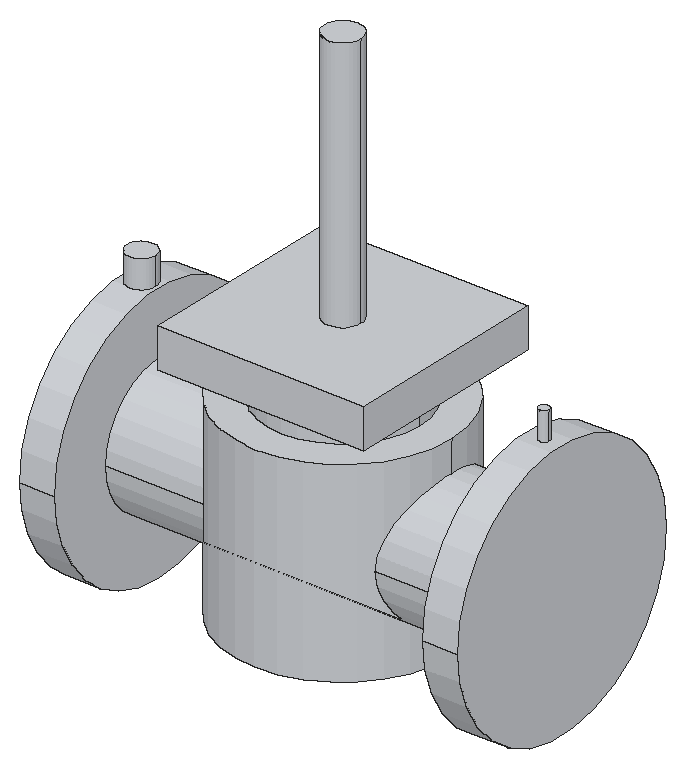
Revit family "OPTIMA_Compact_FLANGE_PN16_DN150-HF_RFA_2019", category Pipe Accessories, Revit 2019
Family settings
  Round Connector Dimension = Use Diameter
  Part Type = Valve - Breaks Into
  Work Plane-Based = No
  Always vertical = Yes
  Cut with Voids When Loaded = No
  Shared = No
Parameters (values of type "Optima Compact Flange PN16 DN150 HF")
  magiProductId = "Frese Optima Flange DN150 HF"
  magiProductFamilyId = "Frese Optima Flange *"
  magiPartTypeId = 304
  isMeasuringValve [instance] = no
  ang2D [instance] = 0.00°
  W2D = 50 mm
  VersionID = "2.0/2018.8.28.1/FRESE_OPTIMA_FLANGE_Q13_002"
  Use Minimum Symbol Size [instance] = yes
  URL = "www.hydronic.cz"
  Type Comments = "Přírubový; PN16; 0~110°C, s měřením"
  R4 = 84 mm
  R3 = 74.1 mm
  R1 = 120 mm
  QmdConnectorList = "301;D;302;D"
  Productdata [instance] = ""
  Manufacturer = "Hydronic Systems Prague s.r.o."
  MC Product Code = "53-1215 (DN150 HF; 43mm; pohon min 1500N; Qmin-dpmin 32000l/h-33.0kPa; Qmax-dpmin 195000l/h-65.0kPa; dpmax 800kPa)"
  MC Piping Given Pressure Drop [instance] = 0.0 Pa
  LF__ve = -LF  # -38.4 mm
  LF2 = 19.2 mm
  LF = 38.4 mm
  L4 = 225.6 mm
  L3 = 403.2 mm
  L2D_Min = 3048 mm
  L2D = 230 mm
  L2 = 240 mm
  H6 = 279.25 mm
  H4 = 42.75 mm
  H3 = 35.625 mm
  H2 = 106.875 mm
  H1 = 213.75 mm
  Description = "Tlakově nezávislý 2-cestný regulační vyvažovací ventil (PICV)"
  DF2 = 142.5 mm
  D = 150 mm
  CAT0 = yes
Types (14, lengths in mm): name | magiProductId | magiProductFamilyId | W2D | Type Comments | R4 | R3 | R1 | MC Product Code | LF__ve | LF2 | LF | L4 | L3 | L2D | L2 | H6 | H4 | H3 | H2 | H1 | DF2 | D
  Optima Compact Flange PN16 DN050 LF | "Frese Optima Flange DN050 LF" | "Frese Optima Flange *" | 50 | "Přírubový; PN16; 0~120°C, s měřením" | 40.3 | 42.9 | 57.5 | "53-1200 (DN50 LF; 20mm; pohon min 1000N; Qmin-dpmin 2500l/h-6.5kPa; Qmax-dpmin 15000l/h-20.0kPa; dpmax 800kPa)" | -18.4 | 9.2 | 18.4 | 108.1 | 193.2 | 230 | 115 | 157.3 | 24.8 | 20.6 | 61.9 | 123.8 | 82.5 | 50
  Optima Compact Flange PN16 DN050 HF | "Frese Optima Flange DN050 HF" | "Frese Optima Flange *" | 50 | "Přírubový; PN16; 0~120°C, s měřením" | 40.25 | 42.9 | 57.5 | "53-1210 (DN50 HF; 20mm; pohon min 1000N; Qmin-dpmin 3900l/h-19.0kPa; Qmax-dpmin 24000l/h-50.0kPa; dpmax 800kPa)" | -18.4 | 9.2 | 18.4 | 108.1 | 193.2 | 230 | 115 | 157.25 | 24.75 | 20.625 | 61.875 | 123.75 | 82.5 | 50
  Optima Compact Flange PN16 DN065 LF | "Frese Optima Flange DN065 LF" | "Frese Optima Flange *" | 50 | "Přírubový; PN16; 0~120°C, s měřením" | 50.75 | 48.1 | 72.5 | "53-1201 (DN65 LF; 20mm; pohon min 1000N; Qmin-dpmin 4400l/h-15.0kPa; Qmax-dpmin 25000l/h-25.0kPa; dpmax 800kPa)" | -23.2 | 11.6 | 23.2 | 136.3 | 243.6 | 230 | 145 | 171.25 | 27.75 | 23.125 | 69.375 | 138.75 | 92.5 | 65
  Optima Compact Flange PN16 DN065 HF | "Frese Optima Flange DN065 HF" | "Frese Optima Flange *" | 50 | "Přírubový; PN16; 0~120°C, s měřením" | 50.75 | 48.1 | 72.5 | "53-1211 (DN65 HF; 20mm; pohon min 1000N; Qmin-dpmin 6000l/h-30.0kPa; Qmax-dpmin 35000l/h-55.0kPa; dpmax 800kPa)" | -23.2 | 11.6 | 23.2 | 136.3 | 243.6 | 230 | 145 | 171.25 | 27.75 | 23.125 | 69.375 | 138.75 | 92.5 | 65
  Optima Compact Flange PN16 DN080 LF | "Frese Optima Flange DN080 LF" | "Frese Optima Flange *" | 50 | "Přírubový; PN16; 0~120°C, s měřením" | 54.25 | 52 | 77.5 | "53-1202 (DN80 LF; 20mm; pohon min 1000N; Qmin-dpmin 5300l/h-16.0kPa; Qmax-dpmin 34000l/h-25.0kPa; dpmax 800kPa)" | -24.8 | 12.4 | 24.8 | 145.7 | 260.4 | 230 | 155 | 183 | 30 | 25 | 75 | 150 | 100 | 80
  Optima Compact Flange PN16 DN080 HF | "Frese Optima Flange DN080 HF" | "Frese Optima Flange *" | 50 | "Přírubový; PN16; 0~120°C, s měřením" | 54.25 | 52 | 77.5 | "53-1212 (DN80 HF; 20mm; pohon min 1000N; Qmin-dpmin 7000l/h-23.0kPa; Qmax-dpmin 43000l/h-50.0kPa; dpmax 800kPa)" | -24.8 | 12.4 | 24.8 | 145.7 | 260.4 | 230 | 155 | 183 | 30 | 25 | 75 | 150 | 100 | 80
  Optima Compact Flange PN16 DN100 LF | "Frese Optima Flange DN100 LF" | "Frese Optima Flange *" | 50 | "Přírubový; PN16; 0~120°C, s měřením" | 61.25 | 61.1 | 87.5 | "53-1203 (DN100 LF; 40mm; pohon min 1000N; Qmin-dpmin 12100l/h-20.0kPa; Qmax-dpmin 68000l/h-35.0kPa; dpmax 800kPa)" | -28 | 14 | 28 | 164.5 | 294 | 230 | 175 | 268.75 | 35.25 | 29.375 | 88.125 | 176.25 | 117.5 | 100
  Optima Compact Flange PN16 DN100 HF | "Frese Optima Flange DN100 HF" | "Frese Optima Flange *" | 50 | "Přírubový; PN16; 0~120°C, s měřením" | 61.25 | 61.1 | 87.5 | "53-1213 (DN100 HF; 40mm; pohon min 1000N; Qmin-dpmin 14800l/h-30.0kPa; Qmax-dpmin 90000l/h-75.0kPa; dpmax 800kPa)" | -28 | 14 | 28 | 164.5 | 294 | 230 | 175 | 268.75 | 35.25 | 29.375 | 88.125 | 176.25 | 117.5 | 100
  Optima Compact Flange PN16 DN125 LF | "Frese Optima Flange DN125 LF" | "Frese Optima Flange *" | 50 | "Přírubový; PN16; 0~120°C, s měřením" | 70 | 70.2 | 100 | "53-1204 (DN125 LF; 40mm; pohon min 1000N; Qmin-dpmin 18500l/h-16.0kPa; Qmax-dpmin 110000l/h-35.0kPa; dpmax 800kPa)" | -32 | 16 | 32 | 188 | 336 | 230 | 200 | 275.5 | 40.5 | 33.75 | 101.25 | 202.5 | 135 | 125
  Optima Compact Flange PN16 DN125 HF | "Frese Optima Flange DN125 HF" | "Frese Optima Flange *" | 50 | "Přírubový; PN16; 0~120°C, s měřením" | 70 | 70.2 | 100 | "53-1214 (DN125 HF; 40mm; pohon min 1000N; Qmin-dpmin 23000l/h-27.0kPa; Qmax-dpmin 135000l/h-53.0kPa; dpmax 800kPa)" | -32 | 16 | 32 | 188 | 336 | 230 | 200 | 275.5 | 40.5 | 33.75 | 101.25 | 202.5 | 135 | 125
  Optima Compact Flange PN16 DN150 LF | "Frese Optima Flange DN150 LF" | "Frese Optima Flange *" | 50 | "Přírubový; PN16; 0~110°C, s měřením" | 84 | 74.1 | 120 | "53-1205 (DN150 LF; 43mm; pohon min 1500N; Qmin-dpmin 25600l/h-21.0kPa; Qmax-dpmin 148000l/h-35.0kPa; dpmax 800kPa)" | -38.4 | 19.2 | 38.4 | 225.6 | 403.2 | 230 | 240 | 279.25 | 42.75 | 35.625 | 106.875 | 213.75 | 142.5 | 150
  Optima Compact Flange PN16 DN150 HF | "Frese Optima Flange DN150 HF" | "Frese Optima Flange *" | 50 | "Přírubový; PN16; 0~110°C, s měřením" | 84 | 74.1 | 120 | "53-1215 (DN150 HF; 43mm; pohon min 1500N; Qmin-dpmin 32000l/h-33.0kPa; Qmax-dpmin 195000l/h-65.0kPa; dpmax 800kPa)" | -38.4 | 19.2 | 38.4 | 225.6 | 403.2 | 230 | 240 | 279.25 | 42.75 | 35.625 | 106.875 | 213.75 | 142.5 | 150
  Optima Compact Flange PN16 DN200 LF | "" | "" | 100 | "Přírubový; PN16; 0~110°C, s měřením" | 164.5 | 98.8 | 235 | "53-1206 (DN200 LF; 43mm; pohon min 1500N; Qmin-dpmin 95000l/h-11.0kPa; Qmax-dpmin 210000l/h-32.0kPa; dpmax 800kPa)" | -48 | 24 | 48 | 282 | 504 | 350 | 300 | 281 | 57 | 15 | 209 | 380 | 190 | 200
  Optima Compact Flange PN16 DN200 HF | "" | "" | 100 | "Přírubový; PN16; 0~110°C, s měřením" | 164.5 | 98.8 | 235 | "53-1216 (DN200 HF; 43mm; pohon min 1500N; Qmin-dpmin 130000l/h-31.0kPa; Qmax-dpmin 280000l/h-78.0kPa; dpmax 800kPa)" | -48 | 24 | 48 | 282 | 504 | 350 | 300 | 281 | 57 | 15 | 209 | 380 | 190 | 200
Reference planes
  plane 1 "Center (Front/Back)": y = 0
  plane 2 "XYPLANE": z = 0
  plane 3 "Center (Left/Right)": x = 0
  plane 4 "157": x = 220.8
  plane 5 "156": x = -220.8
  plane 6 "155": z = 142.5
  plane 7 "154": z = 185.25
  plane 8 "153": z = 142.5
  plane 9 "152": z = 106.875
  plane 10 "151": x = -201.6
  plane 11 "150": z = -106.875
  plane 12 "149": x = 0
  plane 13 "148": y = 0
  plane 14 "147": z = 0
  plane 15 "146": x = -240
  plane 16 "145": x = 240
Forms (mm)
  Extrusion 1, solid, visible <- "CAT0"
    sketch origin (-750, 0, 142.5) x (1, 0, 0) y (0, 1, 0)
      loop
        circle (970.8, 0) r 5.5
    from 0 to 30
  Extrusion 2, solid, visible <- "CAT0"
    sketch origin (-750, 0, 142.5) x (1, 0, 0) y (0, 1, 0)
      loop
        circle (529.2, 0) r 15.5
    from 0 to 30
  Extrusion 3, solid, visible <- "CAT0"
    sketch origin (-750, 0, 185.25) x (1, 0, 0) y (0, 1, 0)
      loop
        circle (750, 0) r 20
    from 0 to 279.25 <- "H6"
  Extrusion 4, solid, visible <- "CAT0"
    sketch origin (-750, 0, 142.5) x (1, 0, 0) y (0, 1, 0)
      loop
        line (862.8, 112.8) -> (637.2, 112.8) -> (637.2, -112.8) -> (862.8, -112.8) -> (862.8, 112.8)
    from 0 to 42.75 <- "H4"
  Extrusion 5, solid, visible <- "CAT0"
    sketch origin (-750, 0, 106.875) x (1, 0, 0) y (0, 1, 0)
      loop
        circle (750, 0) r 84
    from 0 to 35.625 <- "H3"
  Extrusion 6, solid, visible <- "CAT0"
    sketch origin (-201.6, -750, 0) x (0, 1, 0) y (0, 0, 1)
      loop
        circle (750, 0) r 74.1
    from 0 to 403.2 <- "L3"
  Extrusion 7, solid, visible <- "CAT0"
    sketch origin (-750, 0, -106.875) x (1, 0, 0) y (0, 1, 0)
      loop
        circle (750, 0) r 120
    from 0 to 213.75 <- "H1"
  Extrusion 8, solid, visible <- "CAT0"
    sketch origin (-240, -750, 0) x (0, 1, 0) y (0, 0, 1)
      loop
        circle (750, 0) r 142.5
    from 0 to 38.4 <- "LF"
  Extrusion 9, solid, visible <- "CAT0"
    sketch origin (240, -750, 0) x (0, 1, 0) y (0, 0, 1)
      loop
        circle (750, 0) r 142.5
    from 0 to -38.4 <- "LF__ve"
  Extrusion 10, solid, not visible
    sketch origin (-240, -750, 0) x (0, 1, 0) y (0, 0, 1)
      loop
        circle (750, 0) r 10
    from 0 to 10
  Extrusion 11, solid, not visible
    sketch origin (240, -750, 0) x (0, 1, 0) y (0, 0, 1)
      loop
        circle (750, 0) r 10
    from 0 to -10
Lines and regions (mm)
  reference lines, not visible
    curve 1: circle (2, 2, 0) r 1 normal (0, 0, 1)
  reference lines
    curve 2: circle (0, 0, 142.5) r 1 normal (0, 0, 1)
Dimensions and locks
  plane 1 "Center (Front/Back)" to curve 1 = 2 mm
  "LF2": plane 16 "145" to plane 4 "157"
  "LF2": plane 15 "146" to plane 5 "156"
  "DF2": plane 2 "XYPLANE" to plane 6 "155"
  "H4": plane 8 "153" to plane 7 "154"
  "H3": plane 9 "152" to plane 8 "153"
  "H1": plane 11 "150" to plane 9 "152"
  "LF": plane 15 "146" to plane 10 "151"
  "H2": plane 2 "XYPLANE" to plane 11 "150"
  locked: plane 3 "Center (Left/Right)" to plane 12 "149"
  locked: plane 1 "Center (Front/Back)" to plane 13 "148"
  locked: plane 2 "XYPLANE" to plane 14 "147"
  "L2": plane 3 "Center (Left/Right)" to plane 15 "146"
  "L2": plane 3 "Center (Left/Right)" to plane 16 "145"
  equal spacing: Extrusion 4 sketch curve, curve 2, Extrusion 4 sketch curve  (x2)
  "L4": Extrusion 4 sketch curve to Extrusion 4 sketch curve  (x2)
  Extrusion 4 sketch curve to Extrusion 4 sketch curve = 0 mm  (x8)
  "R4": radius of Extrusion 5 sketch curve
  "R3": radius of Extrusion 6 sketch curve
  "R1": radius of Extrusion 7 sketch curve
  "DF2": radius of Extrusion 8 sketch curve
  "DF2": radius of Extrusion 9 sketch curve
  aligned and locked: level to plane 2 "XYPLANE"
  aligned and locked: plane 4 "157" to Extrusion 1 sketch curve
  aligned and locked: plane 13 "148" to Extrusion 1 sketch curve
  aligned and locked: plane 5 "156" to Extrusion 2 sketch curve
  aligned and locked: plane 13 "148" to Extrusion 2 sketch curve
  aligned and locked: plane 12 "149" to Extrusion 3 sketch curve
  aligned and locked: plane 13 "148" to Extrusion 3 sketch curve
  aligned and locked: plane 12 "149" to curve 2
  aligned and locked: plane 13 "148" to curve 2
  aligned and locked: plane 12 "149" to Extrusion 5 sketch curve
  aligned and locked: plane 13 "148" to Extrusion 5 sketch curve
  aligned and locked: Extrusion 6 sketch curve to plane 13 "148"
  aligned and locked: plane 14 "147" to Extrusion 6 sketch curve
  aligned and locked: plane 12 "149" to Extrusion 7 sketch curve
  aligned and locked: plane 13 "148" to Extrusion 7 sketch curve
  aligned and locked: Extrusion 8 sketch curve to plane 13 "148"
  aligned and locked: plane 14 "147" to Extrusion 8 sketch curve
  aligned and locked: Extrusion 9 sketch curve to plane 13 "148"
  aligned and locked: plane 14 "147" to Extrusion 9 sketch curve
  aligned and locked: Extrusion 10 sketch curve to plane 13 "148"
  aligned and locked: plane 14 "147" to Extrusion 10 sketch curve
  aligned and locked: Extrusion 11 sketch curve to plane 13 "148"
  aligned and locked: plane 14 "147" to Extrusion 11 sketch curve
Automatic sketch dimensions
  Extrusion 1 sketch curve to plane 4 "157" = 5.5 mm
  plane 15 "146" to Extrusion 2 sketch curve = 3.7 mm
  Extrusion 3 sketch curve to plane 3 "Center (Left/Right)" = 20 mm
  plane 1 "Center (Front/Back)" to Extrusion 10 sketch curve = 10 mm
  plane 1 "Center (Front/Back)" to Extrusion 11 sketch curve = 10 mm
  plane 3 "Center (Left/Right)" to curve 1 = 2 mm
  plane 10 "151" to Extrusion 4 sketch curve = 88.8 mm
  plane 1 "Center (Front/Back)" to Extrusion 4 sketch curve = 112.8 mm
  radius of curve 2 = 1 mm
  radius of curve 1 = 1 mm
Connectors
  piping at (-240, 0, 0), diameter 150, driven by "D"
    settings: on Extrusion 10, index 1, connector inside diameter 609.6 mm, connector length 0 mm, flow factor 0, pipe flow 0.0 L/s, pressure drop 0.0 Pa, fitting loss kfactor 0, connector angle 0.00°, fixture units 0, engagement length 0 mm, angle of deflection 0.00°, flow configuration 0, flow direction 0, fitting loss method 0, system type 29, joint type 0, gender type 0, connector reference index 2, connector utility 0, adjustable connector no, is connector primary yes, connector description ""
  piping at (240, 0, 0), diameter 150, driven by "D"
    settings: on Extrusion 11, index 2, connector inside diameter 609.6 mm, connector length 0 mm, flow factor 0, pipe flow 0.0 L/s, pressure drop 0.0 Pa, fitting loss kfactor 0, connector angle 0.00°, fixture units 0, engagement length 0 mm, angle of deflection 0.00°, flow configuration 0, flow direction 0, fitting loss method 0, system type 29, joint type 0, gender type 0, connector reference index 1, connector utility 0, adjustable connector no, is connector primary no, connector description ""
